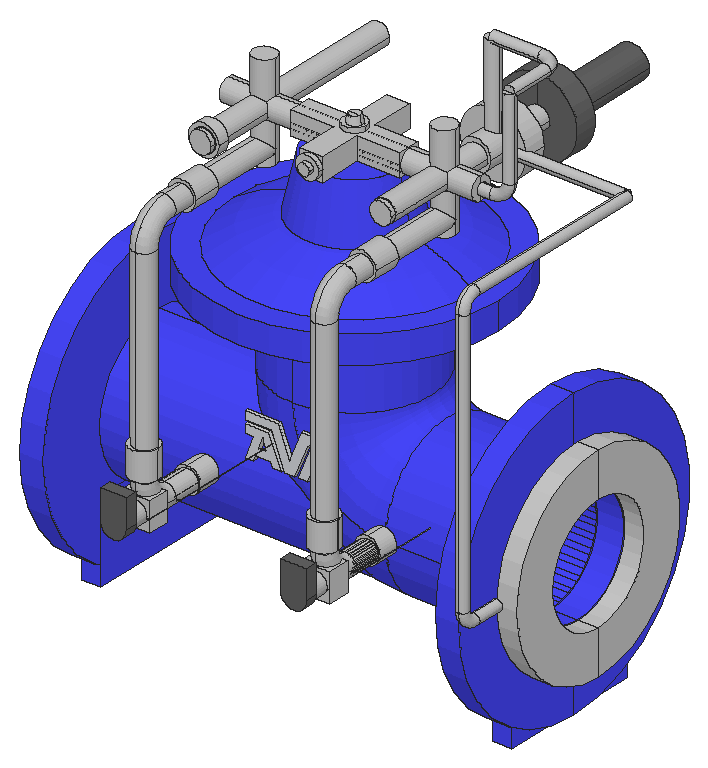
Revit family "859-002X-001 DN65-300", category Pipe Accessories, Revit 2022 (continued)
Types (43, lengths in mm): name | w2 | w1 | sweep_box2 | sweep_box1 | sweep_H1 | sweep_H | sweep_D | sweep1 | sweep/2 | sweep | nut_dim | Total_L | Sweep_R | Orifice_FL | L3 | dim1 | centre | W22 | W2 | W11 | W1 | W | Thickness1 | Thickness | Raised_dis | Raised_R | Nut_T | Nut_Dim2 | Nut_Dim1 | L | H4 | H33 | H3 | FL_T | D | DN | Control_dim7 | Control_dim6 | Control_dim5 | Control_dim4 | Control_dim3 | Control_dim2 | Control_dim1 | Centre_nut | Centre_D1 | Centre_D | Bore2 | Bore1 | Bore | Bonnet_dim3 | Bonnet_dim2 | Bonnet_dim1_H1 | Bonnet_dim1_H | Bonnet_dim1 | Bonnet_R | Bonnet_D1 | Bonnet_D | Bolt_Dia | Body_Rib_L | Body_H | Actuator_d | Actuator_L1 | Actuator_L
  DN200_PN16 Flow range ( 190 - 452) | 202 | 202 | 11.375 | 24 | 26.46 | 241.8 | 17.5 | 8.75 | 4.375 | 21 | 102 | 615 | 13.125 | 136 | 235.62 | 80.8 | 156.546 | 161.6 | 202 | 166.05 | 202 | 193.25 | 14.4 | 12 | 3 | 27.86 | 16 | 5.355 | 29.575 | 600 | 169.632 | 84.816 | 542 | 20 | 170 | 200.7 | 39.038 | 21.688 | 18.073 | 183.6 | 6.694 | 64.26 | 13.388 | 45 | 48 | 60 | 160.56 | 120.42 | 100.35 | 53.55 | 71.4 | 265.98 | 18.9 | 142.8 | 214.2 | 204 | 102 | 22.75 | 85 | 204 | 46.846 | 81.81 | 90.9
  DN250_PN10 Flow range ( 85 - 200) | 252 | 252 | 13 | 28 | 37.608 | 296.725 | 20 | 10 | 5 | 24 | 121.5 | 745 | 15 | 163.5 | 280.665 | 100.8 | 195.234 | 201.6 | 252 | 208.8 | 252 | 242 | 15.84 | 13.2 | 3 | 30.94 | 17.6 | 6.379 | 33.8 | 730 | 208.164 | 104.082 | 659 | 22 | 202.5 | 250.3 | 46.501 | 25.834 | 21.528 | 218.7 | 7.973 | 76.545 | 15.947 | 52.5 | 56 | 70 | 200.24 | 150.18 | 125.15 | 63.788 | 85.05 | 326.398 | 26.863 | 170.1 | 255.15 | 243 | 121.5 | 26 | 101.25 | 243 | 55.801 | 102.06 | 113.4
  DN250_PN10 Flow range ( 140 - 350) | 252 | 252 | 13 | 28 | 37.608 | 296.725 | 20 | 10 | 5 | 24 | 121.5 | 745 | 15 | 163.5 | 280.665 | 100.8 | 195.078 | 201.6 | 252 | 208.8 | 252 | 242 | 15.84 | 13.2 | 3 | 30.98 | 17.6 | 6.379 | 33.8 | 730 | 208.164 | 104.082 | 659 | 22 | 202.5 | 250.1 | 46.501 | 25.834 | 21.528 | 218.7 | 7.973 | 76.545 | 15.947 | 52.5 | 56 | 70 | 200.08 | 150.06 | 125.05 | 63.788 | 85.05 | 326.398 | 26.863 | 170.1 | 255.15 | 243 | 121.5 | 26 | 101.25 | 243 | 55.801 | 102.06 | 113.4
  DN250_PN10 Flow range ( 230 - 530) | 252 | 252 | 13 | 28 | 37.608 | 296.725 | 20 | 10 | 5 | 24 | 121.5 | 745 | 15 | 163.5 | 280.665 | 100.8 | 195.156 | 201.6 | 252 | 208.8 | 252 | 242 | 15.84 | 13.2 | 3 | 30.96 | 17.6 | 6.379 | 33.8 | 730 | 208.164 | 104.082 | 659 | 22 | 202.5 | 250.2 | 46.501 | 25.834 | 21.528 | 218.7 | 7.973 | 76.545 | 15.947 | 52.5 | 56 | 70 | 200.16 | 150.12 | 125.1 | 63.788 | 85.05 | 326.398 | 26.863 | 170.1 | 255.15 | 243 | 121.5 | 26 | 101.25 | 243 | 55.801 | 102.06 | 113.4
  DN250_PN10 Flow range ( 280 - 530) | 252 | 252 | 13 | 28 | 37.608 | 296.725 | 20 | 10 | 5 | 24 | 121.5 | 745 | 15 | 163.5 | 280.665 | 100.8 | 195.078 | 201.6 | 252 | 208.8 | 252 | 242 | 15.84 | 13.2 | 3 | 30.98 | 17.6 | 6.379 | 33.8 | 730 | 208.164 | 104.082 | 659 | 22 | 202.5 | 250.1 | 46.501 | 25.834 | 21.528 | 218.7 | 7.973 | 76.545 | 15.947 | 52.5 | 56 | 70 | 200.08 | 150.06 | 125.05 | 63.788 | 85.05 | 326.398 | 26.863 | 170.1 | 255.15 | 243 | 121.5 | 26 | 101.25 | 243 | 55.801 | 102.06 | 113.4
  DN250_PN16 Flow range ( 85 - 200) | 252 | 252 | 13 | 28 | 37.608 | 296.725 | 20 | 10 | 5 | 24 | 121.5 | 745 | 15 | 163.5 | 280.665 | 100.8 | 195.078 | 201.6 | 252 | 208.8 | 252 | 242 | 15.84 | 13.2 | 3 | 30.98 | 17.6 | 6.379 | 33.8 | 730 | 208.164 | 104.082 | 659 | 22 | 202.5 | 250.1 | 46.501 | 25.834 | 21.528 | 218.7 | 7.973 | 76.545 | 15.947 | 52.5 | 56 | 70 | 200.08 | 150.06 | 125.05 | 63.788 | 85.05 | 326.398 | 26.863 | 170.1 | 255.15 | 243 | 121.5 | 26 | 101.25 | 243 | 55.801 | 102.06 | 113.4
  DN250_PN16 Flow range ( 140 - 350) | 252 | 252 | 13 | 28 | 37.608 | 296.725 | 20 | 10 | 5 | 24 | 121.5 | 745 | 15 | 163.5 | 280.665 | 100.8 | 195.078 | 201.6 | 252 | 208.8 | 252 | 242 | 15.84 | 13.2 | 3 | 30.98 | 17.6 | 6.379 | 33.8 | 730 | 208.164 | 104.082 | 659 | 22 | 202.5 | 250.1 | 46.501 | 25.834 | 21.528 | 218.7 | 7.973 | 76.545 | 15.947 | 52.5 | 56 | 70 | 200.08 | 150.06 | 125.05 | 63.788 | 85.05 | 326.398 | 26.863 | 170.1 | 255.15 | 243 | 121.5 | 26 | 101.25 | 243 | 55.801 | 102.06 | 113.4
  DN250_PN16 Flow range ( 230 - 570) | 252 | 252 | 13 | 28 | 37.608 | 296.725 | 20 | 10 | 5 | 24 | 121.5 | 745 | 15 | 163.5 | 280.665 | 100.8 | 195.078 | 201.6 | 252 | 208.8 | 252 | 242 | 15.84 | 13.2 | 3 | 30.98 | 17.6 | 6.379 | 33.8 | 730 | 208.164 | 104.082 | 659 | 22 | 202.5 | 250.1 | 46.501 | 25.834 | 21.528 | 218.7 | 7.973 | 76.545 | 15.947 | 52.5 | 56 | 70 | 200.08 | 150.06 | 125.05 | 63.788 | 85.05 | 326.398 | 26.863 | 170.1 | 255.15 | 243 | 121.5 | 26 | 101.25 | 243 | 55.801 | 102.06 | 113.4
  DN250_PN16 Flow range ( 280 - 690) | 252 | 252 | 13 | 28 | 37.608 | 296.725 | 20 | 10 | 5 | 24 | 121.5 | 745 | 15 | 163.5 | 280.665 | 100.8 | 195.078 | 201.6 | 252 | 208.8 | 252 | 242 | 15.84 | 13.2 | 3 | 30.98 | 17.6 | 6.379 | 33.8 | 730 | 208.164 | 104.082 | 659 | 22 | 202.5 | 250.1 | 46.501 | 25.834 | 21.528 | 218.7 | 7.973 | 76.545 | 15.947 | 52.5 | 56 | 70 | 200.08 | 150.06 | 125.05 | 63.788 | 85.05 | 326.398 | 26.863 | 170.1 | 255.15 | 243 | 121.5 | 26 | 101.25 | 243 | 55.801 | 102.06 | 113.4
  DN300_PN10 Flow range ( 120 - 300) | 275 | 275 | 16.25 | 32 | 37.03 | 328.9 | 25 | 12.5 | 6.25 | 30 | 138 | 865 | 18.75 | 188.5 | 318.78 | 110 | 234.078 | 220 | 275 | 225 | 275 | 262.5 | 17.64 | 14.7 | 4 | 31.98 | 19.6 | 7.245 | 42.25 | 850 | 230.736 | 115.368 | 736 | 24.5 | 230 | 300.1 | 52.816 | 29.342 | 24.452 | 248.4 | 9.056 | 86.94 | 18.113 | 60 | 64 | 80 | 240.08 | 180.06 | 150.05 | 72.45 | 96.6 | 361.79 | 26.45 | 193.2 | 289.8 | 276 | 138 | 32.5 | 115 | 276 | 63.379 | 111.375 | 123.75
  DN300_PN10 Flow range ( 175 - 430) | 275 | 275 | 16.25 | 32 | 37.03 | 328.9 | 25 | 12.5 | 6.25 | 30 | 138 | 865 | 18.75 | 188.5 | 318.78 | 110 | 234.078 | 220 | 275 | 225 | 275 | 262.5 | 17.64 | 14.7 | 4 | 31.98 | 19.6 | 7.245 | 42.25 | 850 | 230.736 | 115.368 | 736 | 24.5 | 230 | 300.1 | 52.816 | 29.342 | 24.452 | 248.4 | 9.056 | 86.94 | 18.113 | 60 | 64 | 80 | 240.08 | 180.06 | 150.05 | 72.45 | 96.6 | 361.79 | 26.45 | 193.2 | 289.8 | 276 | 138 | 32.5 | 115 | 276 | 63.379 | 111.375 | 123.75
  DN300_PN10 Flow range ( 340 - 762) | 275 | 275 | 16.25 | 32 | 37.03 | 328.9 | 25 | 12.5 | 6.25 | 30 | 138 | 865 | 18.75 | 188.5 | 318.78 | 110 | 234.078 | 220 | 275 | 225 | 275 | 262.5 | 17.64 | 14.7 | 4 | 31.98 | 19.6 | 7.245 | 42.25 | 850 | 230.736 | 115.368 | 736 | 24.5 | 230 | 300.1 | 52.816 | 29.342 | 24.452 | 248.4 | 9.056 | 86.94 | 18.113 | 60 | 64 | 80 | 240.08 | 180.06 | 150.05 | 72.45 | 96.6 | 361.79 | 26.45 | 193.2 | 289.8 | 276 | 138 | 32.5 | 115 | 276 | 63.379 | 111.375 | 123.75
  DN300_PN10 Flow range ( 460 - 762) | 275 | 275 | 16.25 | 32 | 37.03 | 328.9 | 25 | 12.5 | 6.25 | 30 | 138 | 865 | 18.75 | 188.5 | 318.78 | 110 | 234.078 | 220 | 275 | 225 | 275 | 262.5 | 17.64 | 14.7 | 4 | 31.98 | 19.6 | 7.245 | 42.25 | 850 | 230.736 | 115.368 | 736 | 24.5 | 230 | 300.1 | 52.816 | 29.342 | 24.452 | 248.4 | 9.056 | 86.94 | 18.113 | 60 | 64 | 80 | 240.08 | 180.06 | 150.05 | 72.45 | 96.6 | 361.79 | 26.45 | 193.2 | 289.8 | 276 | 138 | 32.5 | 115 | 276 | 63.379 | 111.375 | 123.75
  DN300_PN16 Flow range ( 120 - 300) | 275 | 275 | 16.25 | 32 | 37.03 | 328.9 | 25 | 12.5 | 6.25 | 30 | 138 | 865 | 18.75 | 188.5 | 318.78 | 110 | 234.078 | 220 | 275 | 225 | 275 | 262.5 | 17.64 | 14.7 | 4 | 31.98 | 19.6 | 7.245 | 42.25 | 850 | 230.736 | 115.368 | 736 | 24.5 | 230 | 300.1 | 52.816 | 29.342 | 24.452 | 248.4 | 9.056 | 86.94 | 18.113 | 60 | 64 | 80 | 240.08 | 180.06 | 150.05 | 72.45 | 96.6 | 361.79 | 26.45 | 193.2 | 289.8 | 276 | 138 | 32.5 | 115 | 276 | 63.379 | 111.375 | 123.75
  DN300_PN16 Flow range ( 175 - 430) | 275 | 275 | 16.25 | 32 | 37.03 | 328.9 | 25 | 12.5 | 6.25 | 30 | 138 | 865 | 18.75 | 188.5 | 318.78 | 110 | 234.078 | 220 | 275 | 225 | 275 | 262.5 | 17.64 | 14.7 | 4 | 31.98 | 19.6 | 7.245 | 42.25 | 850 | 230.736 | 115.368 | 736 | 24.5 | 230 | 300.1 | 52.816 | 29.342 | 24.452 | 248.4 | 9.056 | 86.94 | 18.113 | 60 | 64 | 80 | 240.08 | 180.06 | 150.05 | 72.45 | 96.6 | 361.79 | 26.45 | 193.2 | 289.8 | 276 | 138 | 32.5 | 115 | 276 | 63.379 | 111.375 | 123.75
  DN300_PN16 Flow range ( 340 - 825) | 275 | 275 | 16.25 | 32 | 37.03 | 328.9 | 25 | 12.5 | 6.25 | 30 | 138 | 865 | 18.75 | 188.5 | 318.78 | 110 | 234.078 | 220 | 275 | 225 | 275 | 262.5 | 17.64 | 14.7 | 4 | 31.98 | 19.6 | 7.245 | 42.25 | 850 | 230.736 | 115.368 | 736 | 24.5 | 230 | 300.1 | 52.816 | 29.342 | 24.452 | 248.4 | 9.056 | 86.94 | 18.113 | 60 | 64 | 80 | 240.08 | 180.06 | 150.05 | 72.45 | 96.6 | 361.79 | 26.45 | 193.2 | 289.8 | 276 | 138 | 32.5 | 115 | 276 | 63.379 | 111.375 | 123.75
  DN300_PN16 Flow range ( 460 - 1017) | 275 | 275 | 16.25 | 32 | 37.03 | 328.9 | 25 | 12.5 | 6.25 | 30 | 138 | 865 | 18.75 | 188.5 | 318.78 | 110 | 234.078 | 220 | 275 | 225 | 275 | 262.5 | 17.64 | 14.7 | 4 | 31.98 | 19.6 | 7.245 | 42.25 | 850 | 230.736 | 115.368 | 736 | 24.5 | 230 | 300.1 | 52.816 | 29.342 | 24.452 | 248.4 | 9.056 | 86.94 | 18.113 | 60 | 64 | 80 | 240.08 | 180.06 | 150.05 | 72.45 | 96.6 | 361.79 | 26.45 | 193.2 | 289.8 | 276 | 138 | 32.5 | 115 | 276 | 63.379 | 111.375 | 123.75
